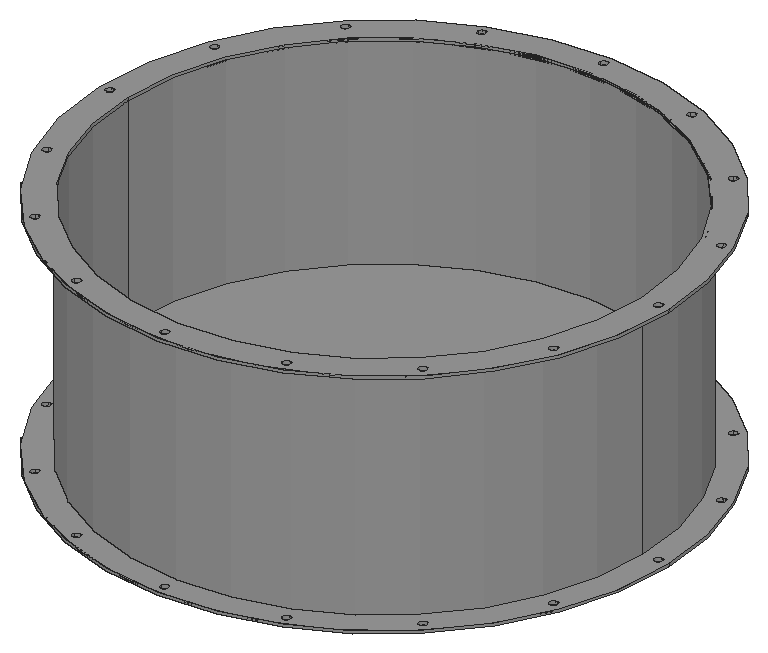
Revit family "VRV-AF", category Арматура воздуховодов, Revit 2021
Family settings
  Размер круглого соединителя = Использовать диаметр
  Тип детали = Присоединяется
  На основе рабочей плоскости = Нет
  Всегда вертикально = Да
  При загрузке вырезать с полостями = Нет
  Общий = Нет
Parameters (values of type "VRV-AF-1000")
  Weight = 36.90 kg
  Load Classification = "HVAC"
  Length = L  # 450 mm
  Diameter = D2  # 1110 mm
  Отметка по умолчанию = 0 mm
  Изготовитель = "BLAUBERG"  # constant formula
  t = L - 5 mm  # 445 mm
  n = 16
  l = L / 2  # 225 mm
  d = 15 mm
  URL = ""
  R1 = D1 / 2  # 535 mm
  Maintenance zone material = none
  L = 450 mm
  Dy = 1000 mm
  Dn = Dy + 10 mm  # 1010 mm
  D2 = 1110 mm
  D1 = 1070 mm
  Casing Material = Metal, painted, grey, matt RAL 7040
  09_System_Name [instance] = ""
  00_20_Type = "VRV-AF-1000"
  00_20_Name = "Backdraft damper"  # constant formula
  00_20_Manufacturer = "BLAUBERG"  # constant formula
Types (12, lengths in mm): name | Weight | Length | Diameter | t | n | l | d | R1 | L | Dy | Dn | D2 | D1 | 00_20_Type
  (no name) | 36.90 kg | 450 | 1110 | 445 | 16 | 225 | 15 | 535 | 450 | 1000 | 1010 | 1110 | 1070 | "VRV-AF-1000"
  VRV-AF-400 | 5.40 kg | 250 | 490 | 245 | 12 | 125 | 8 | 225 | 250 | 400 | 410 | 490 | 450 | "VRV-AF-400"
  VRV-AF-450 | 6.20 kg | 250 | 540 | 245 | 12 | 125 | 8 | 250 | 250 | 450 | 460 | 540 | 500 | "VRV-AF-450"
  VRV-AF-500 | 7.10 kg | 250 | 590 | 245 | 12 | 125 | 12 | 280 | 250 | 500 | 510 | 590 | 560 | "VRV-AF-500"
  VRV-AF-560 | 9.60 kg | 320 | 650 | 315 | 12 | 160 | 12 | 310 | 320 | 560 | 570 | 650 | 620 | "VRV-AF-560"
  VRV-AF-630 | 14.20 kg | 370 | 720 | 365 | 12 | 185 | 12 | 345 | 370 | 630 | 640 | 720 | 690 | "VRV-AF-630"
  VRV-AF-710 | 21.40 kg | 390 | 810 | 385 | 16 | 195 | 12 | 385 | 390 | 710 | 720 | 810 | 770 | "VRV-AF-710"
  VRV-AF-800 | 25.40 kg | 390 | 900 | 385 | 16 | 195 | 12 | 430 | 390 | 800 | 810 | 900 | 860 | "VRV-AF-800"
  VRV-AF-900 | 32.60 kg | 450 | 1010 | 445 | 16 | 225 | 15 | 485 | 450 | 900 | 910 | 1010 | 970 | "VRV-AF-900"
  VRV-AF-1000 | 36.90 kg | 450 | 1110 | 445 | 16 | 225 | 15 | 535 | 450 | 1000 | 1010 | 1110 | 1070 | "VRV-AF-1000"
  VRV-AF-1120 | 59.50 kg | 540 | 1260 | 535 | 20 | 270 | 15 | 595 | 540 | 1120 | 1130 | 1260 | 1190 | "VRV-AF-1120"
  VRV-AF-1250 | 67.40 kg | 540 | 1390 | 535 | 20 | 270 | 15 | 660 | 540 | 1250 | 1260 | 1390 | 1320 | "VRV-AF-1250"
Reference planes
  plane 1 "По центру (Вперед/Назад)": y = 0
  plane 2: z = 0
  plane 3 "По центру (Влево/Вправо)": x = 0
  plane 4: z = 450
  plane 5: z = 50
Forms (mm)
  Extrusion 1, solid, material "Metal, painted, grey, matt RAL 7040" <- "Casing Material"
    sketch origin (0, 0, 0) x (1, 0, 0) y (0, 1, 0)
      loop
        circle (0, 0) r 500
      loop
        circle (0, 0) r 555
    from 0 to 5
  Extrusion 2, void
    sketch origin (0, 313.787, 0) x (1, 0, 0) y (0, 1, 0)
      loop
        circle (0, 221.213) r 7.5
    from 0 to 5
  Extrusion 3, void
    sketch origin (120.081, 289.902, 0) x (0.92388, -0.382683, 0) y (0.382683, 0.92388, 0)
      loop
        circle (0, 221.213) r 7.5
    from 0 to 5
  Extrusion 4, void
    sketch origin (-120.081, 289.902, 0) x (0.92388, 0.382683, 0) y (-0.382683, 0.92388, 0)
      loop
        circle (0, 221.213) r 7.5
    from 0 to 5
  Extrusion 5, void
    sketch origin (-221.881, 221.881, 0) x (0.707107, 0.707107, 0) y (-0.707107, 0.707107, 0)
      loop
        circle (0, 221.213) r 7.5
    from 0 to 5
  Extrusion 6, void
    sketch origin (-289.902, 120.081, 0) x (0.382683, 0.92388, 0) y (-0.92388, 0.382683, 0)
      loop
        circle (0, 221.213) r 7.5
    from 0 to 5
  Extrusion 7, void
    sketch origin (-313.787, 0, 0) x (0, 1, 0) y (-1, 0, 0)
      loop
        circle (0, 221.213) r 7.5
    from 0 to 5
  Extrusion 8, void
    sketch origin (-289.902, -120.081, 0) x (-0.382683, 0.92388, 0) y (-0.92388, -0.382683, 0)
      loop
        circle (0, 221.213) r 7.5
    from 0 to 5
  Extrusion 9, void
    sketch origin (-221.881, -221.881, 0) x (-0.707107, 0.707107, 0) y (-0.707107, -0.707107, 0)
      loop
        circle (0, 221.213) r 7.5
    from 0 to 5
  Extrusion 10, void
    sketch origin (-120.081, -289.902, 0) x (-0.92388, 0.382683, 0) y (-0.382683, -0.92388, 0)
      loop
        circle (0, 221.213) r 7.5
    from 0 to 5
  Extrusion 11, void
    sketch origin (0, -313.787, 0) x (-1, 0, 0) y (0, -1, 0)
      loop
        circle (0, 221.213) r 7.5
    from 0 to 5
  Extrusion 12, void
    sketch origin (120.081, -289.902, 0) x (-0.92388, -0.382683, 0) y (0.382683, -0.92388, 0)
      loop
        circle (0, 221.213) r 7.5
    from 0 to 5
  Extrusion 13, void
    sketch origin (221.881, -221.881, 0) x (-0.707107, -0.707107, 0) y (0.707107, -0.707107, 0)
      loop
        circle (0, 221.213) r 7.5
    from 0 to 5
  Extrusion 14, solid, material "Metal, painted, grey, matt RAL 7040" <- "Casing Material"
    sketch origin (0, 0, 0) x (1, 0, 0) y (0, 1, 0)
      loop
        circle (0, 0) r 500
      loop
        circle (0, 0) r 505
    from 5 to 445 <- "t"
  Extrusion 15, solid, material "Metal, painted, grey, matt RAL 7040" <- "Casing Material"
    sketch origin (0, 0, 0) x (1, 0, 0) y (0, 1, 0)
      loop
        circle (0, 0) r 500
      loop
        circle (0, 0) r 555
    from 445 to 450
  Extrusion 16, void
    sketch origin (0, 313.053, 0) x (1, 0, 0) y (0, 1, 0)
      loop
        circle (0, 221.947) r 7.5
    from 445 <- "t" to 450 <- "L"
  Extrusion 17, void
    sketch origin (119.8, 289.224, 0) x (0.92388, -0.382683, 0) y (0.382683, 0.92388, 0)
      loop
        circle (0, 221.947) r 7.5
    from 445 <- "t" to 450 <- "L"
  Extrusion 18, void
    sketch origin (-119.8, 289.224, 0) x (0.92388, 0.382683, 0) y (-0.382683, 0.92388, 0)
      loop
        circle (0, 221.947) r 7.5
    from 445 <- "t" to 450 <- "L"
  Extrusion 19, void
    sketch origin (-221.362, 221.362, 0) x (0.707107, 0.707107, 0) y (-0.707107, 0.707107, 0)
      loop
        circle (0, 221.947) r 7.5
    from 445 <- "t" to 450 <- "L"
  Extrusion 20, void
    sketch origin (-289.224, 119.8, 0) x (0.382683, 0.92388, 0) y (-0.92388, 0.382683, 0)
      loop
        circle (0, 221.947) r 7.5
    from 445 <- "t" to 450 <- "L"
  Extrusion 21, void
    sketch origin (-313.053, 0, 0) x (0, 1, 0) y (-1, 0, 0)
      loop
        circle (0, 221.947) r 7.5
    from 445 <- "t" to 450 <- "L"
  Extrusion 22, void
    sketch origin (-289.224, -119.8, 0) x (-0.382683, 0.92388, 0) y (-0.92388, -0.382683, 0)
      loop
        circle (0, 221.947) r 7.5
    from 445 <- "t" to 450 <- "L"
  Extrusion 23, void
    sketch origin (-221.362, -221.362, 0) x (-0.707107, 0.707107, 0) y (-0.707107, -0.707107, 0)
      loop
        circle (0, 221.947) r 7.5
    from 445 <- "t" to 450 <- "L"
  Extrusion 24, void
    sketch origin (-119.8, -289.224, 0) x (-0.92388, 0.382683, 0) y (-0.382683, -0.92388, 0)
      loop
        circle (0, 221.947) r 7.5
    from 445 <- "t" to 450 <- "L"
  Extrusion 25, void
    sketch origin (0, -313.053, 0) x (-1, 0, 0) y (0, -1, 0)
      loop
        circle (0, 221.947) r 7.5
    from 445 <- "t" to 450 <- "L"
  Extrusion 26, void
    sketch origin (119.8, -289.224, 0) x (-0.92388, -0.382683, 0) y (0.382683, -0.92388, 0)
      loop
        circle (0, 221.947) r 7.5
    from 445 <- "t" to 450 <- "L"
  Extrusion 27, void
    sketch origin (221.362, -221.362, 0) x (-0.707107, -0.707107, 0) y (0.707107, -0.707107, 0)
      loop
        circle (0, 221.947) r 7.5
    from 445 <- "t" to 450 <- "L"
  Extrusion 28, void
    sketch origin (289.902, -120.081, 0) x (-0.382683, -0.92388, 0) y (0.92388, -0.382683, 0)
      loop
        circle (0, 221.213) r 7.5
    from 0 to 5
  Extrusion 29, void
    sketch origin (313.787, 0, 0) x (0, -1, 0) y (1, 0, 0)
      loop
        circle (0, 221.213) r 7.5
    from 0 to 5
  Extrusion 30, void
    sketch origin (289.902, 120.081, 0) x (0.382683, -0.92388, 0) y (0.92388, 0.382683, 0)
      loop
        circle (0, 221.213) r 7.5
    from 0 to 5
  Extrusion 31, void
    sketch origin (221.881, 221.881, 0) x (0.707107, -0.707107, 0) y (0.707107, 0.707107, 0)
      loop
        circle (0, 221.213) r 7.5
    from 0 to 5
  Extrusion 32, void
    sketch origin (289.224, -119.8, 0) x (-0.382683, -0.92388, 0) y (0.92388, -0.382683, 0)
      loop
        circle (0, 221.947) r 7.5
    from 445 <- "t" to 450 <- "L"
  Extrusion 33, void
    sketch origin (313.053, 0, 0) x (0, -1, 0) y (1, 0, 0)
      loop
        circle (0, 221.947) r 7.5
    from 445 <- "t" to 450 <- "L"
  Extrusion 34, void
    sketch origin (289.224, 119.8, 0) x (0.382683, -0.92388, 0) y (0.92388, 0.382683, 0)
      loop
        circle (0, 221.947) r 7.5
    from 445 <- "t" to 450 <- "L"
  Extrusion 35, void
    sketch origin (221.362, 221.362, 0) x (0.707107, -0.707107, 0) y (0.707107, 0.707107, 0)
      loop
        circle (0, 221.947) r 7.5
    from 445 <- "t" to 450 <- "L"
  Extrusion 36, solid, material "Metal, painted, grey, matt RAL 7040" <- "Casing Material"
    sketch origin (0, 0, 0) x (1, 0, 0) y (0, 1, 0)
      loop
        circle (0, 0) r 500
    from 50 to 55
Cuts and joins
  Extrusion 2, Extrusion 3, Extrusion 4, Extrusion 5, Extrusion 6, Extrusion 7, Extrusion 8, Extrusion 9, Extrusion 10, Extrusion 11, Extrusion 12, Extrusion 13, Extrusion 28, Extrusion 29, Extrusion 30, Extrusion 31 cuts Extrusion 1
  Extrusion 16, Extrusion 17, Extrusion 18, Extrusion 19, Extrusion 20, Extrusion 21, Extrusion 22, Extrusion 23, Extrusion 24, Extrusion 25, Extrusion 26, Extrusion 27, Extrusion 32, Extrusion 33, Extrusion 34, Extrusion 35 cuts Extrusion 15
Dimensions and locks
  "L": level to plane 4
  locked: Extrusion 1 to Extrusion 1 at 5
  locked: Extrusion 15 to Extrusion 15 at 5
  locked: plane 5 to level at 50
  locked: Extrusion 36 to plane 5 at 5
  "Dy": diameter of Extrusion 1 sketch curve
  "D2": diameter of Extrusion 1 sketch curve
  "d": diameter of Extrusion 2 sketch curve
  "d": diameter of Extrusion 3 sketch curve
  "d": diameter of Extrusion 4 sketch curve
  "d": diameter of Extrusion 5 sketch curve
  "d": diameter of Extrusion 6 sketch curve
  "d": diameter of Extrusion 7 sketch curve
  "d": diameter of Extrusion 8 sketch curve
  "d": diameter of Extrusion 9 sketch curve
  "d": diameter of Extrusion 10 sketch curve
  "d": diameter of Extrusion 11 sketch curve
  "d": diameter of Extrusion 12 sketch curve
  "d": diameter of Extrusion 13 sketch curve
  "R1": radius of radial array  (x2)
  "Dn": diameter of Extrusion 14 sketch curve
  "Dy": diameter of Extrusion 14 sketch curve
  "Dy": diameter of Extrusion 15 sketch curve
  "D2": diameter of Extrusion 15 sketch curve
  "d": diameter of Extrusion 16 sketch curve
  "d": diameter of Extrusion 17 sketch curve
  "d": diameter of Extrusion 18 sketch curve
  "d": diameter of Extrusion 19 sketch curve
  "d": diameter of Extrusion 20 sketch curve
  "d": diameter of Extrusion 21 sketch curve
  "d": diameter of Extrusion 22 sketch curve
  "d": diameter of Extrusion 23 sketch curve
  "d": diameter of Extrusion 24 sketch curve
  "d": diameter of Extrusion 25 sketch curve
  "d": diameter of Extrusion 26 sketch curve
  "d": diameter of Extrusion 27 sketch curve
  "d": diameter of Extrusion 28 sketch curve
  "d": diameter of Extrusion 29 sketch curve
  "d": diameter of Extrusion 30 sketch curve
  "d": diameter of Extrusion 31 sketch curve
  "d": diameter of Extrusion 32 sketch curve
  "d": diameter of Extrusion 33 sketch curve
  "d": diameter of Extrusion 34 sketch curve
  "d": diameter of Extrusion 35 sketch curve
  "Dy": diameter of Extrusion 36 sketch curve
  aligned and locked: level to plane 2
  aligned and locked: Extrusion 14 to cut or joined group 1 (Extrusion 1, Extrusion 2, Extrusion 3, Extrusion 4, Extrusion 5, Extrusion 6, Extrusion 7, Extrusion 8, Extrusion 9, Extrusion 10, Extrusion 11, Extrusion 12, Extrusion 13, Extrusion 28, Extrusion 29, Extrusion 30, Extrusion 31)
  aligned and locked: Extrusion 15 to plane 4
Automatic sketch dimensions
  Extrusion 1 sketch curve to Extrusion 1 sketch curve = 0 mm  (x2)
  plane 1 "По центру (Вперед/Назад)" to Extrusion 1 sketch curve = 0 mm
  Extrusion 1 sketch curve to plane 3 "По центру (Влево/Вправо)" = 0 mm
  Extrusion 14 sketch curve to Extrusion 14 sketch curve = 0 mm  (x2)
  plane 1 "По центру (Вперед/Назад)" to Extrusion 14 sketch curve = 0 mm
  Extrusion 14 sketch curve to plane 3 "По центру (Влево/Вправо)" = 0 mm
  Extrusion 15 sketch curve to Extrusion 15 sketch curve = 0 mm  (x2)
  plane 1 "По центру (Вперед/Назад)" to Extrusion 15 sketch curve = 0 mm
  Extrusion 15 sketch curve to plane 3 "По центру (Влево/Вправо)" = 0 mm
  plane 1 "По центру (Вперед/Назад)" to Extrusion 36 sketch curve = 0 mm
  Extrusion 36 sketch curve to plane 3 "По центру (Влево/Вправо)" = 0 mm
Connectors
  hvac at (0, 0, 450), driven by "Dy"
    settings: on cut or joined group of Extrusion 15, Extrusion 16, Extrusion 17, Extrusion 18, Extrusion 19, Extrusion 20, Extrusion 21, Extrusion 22, Extrusion 23, Extrusion 24, Extrusion 25, Extrusion 26, Extrusion 27, Extrusion 32, Extrusion 33, Extrusion 34, Extrusion 35, index 1, duct flow 0.0 L/s, flow factor 0, pres drop 0.0 Pa, loss coef 0, conn angle 0.00°, conn width 304.8 mm, conn height 304.8 mm, conn diameter 1000 mm, duct sys type 3, conn prof type 0, flow config 0, flow direction 0, loss method 0, conn ref index -1, conn util no, is conn primary yes, conn desc ""
  hvac at (0, 0, 0), driven by "Dy"
    settings: on cut or joined group 1, index 2, duct flow 0.0 L/s, flow factor 0, pres drop 0.0 Pa, loss coef 0, conn angle 0.00°, conn width 304.8 mm, conn height 304.8 mm, conn diameter 1000 mm, duct sys type 3, conn prof type 0, flow config 0, flow direction 0, loss method 0, conn ref index -1, conn util no, is conn primary no, conn desc ""
